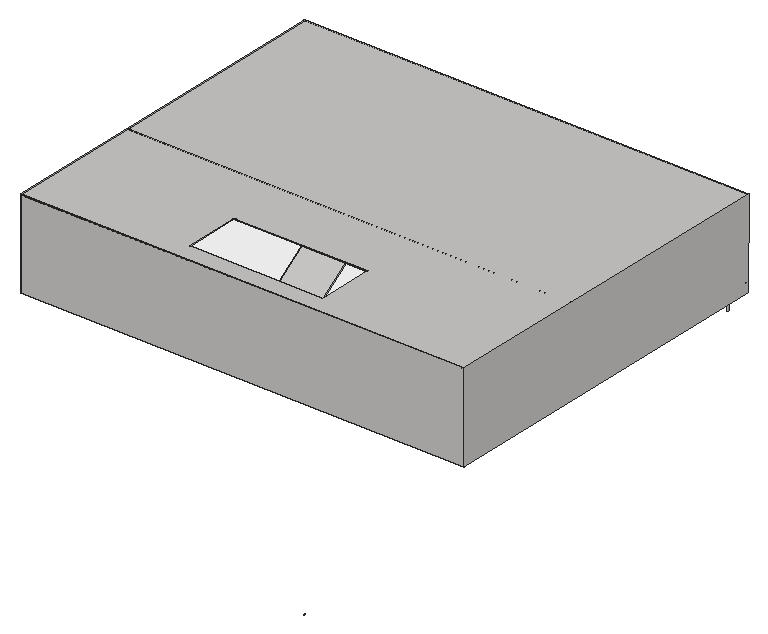
Revit family "QF_ELECTROLUXPROFESSIONAL_640204_EPF1620", category Specialty Equipment, Revit 2014
Reference planes
  plane 1: z = 0
  plane 2 "Center (Left/Right)": x = 150
  plane 3 "LEFT": x = -850
  plane 4 "RIGHT": x = 1150
  plane 5 "BACK": y = 550
  plane 6 "TOP": z = 2400
  plane 7 "Base": z = 2000
  plane 8: z = 1970
  plane 9 "DrainY": y = 450
  plane 10: x = -847
  plane 11: y = -720
  plane 12: y = -970
  plane 13 "DrainX": x = 1137
  plane 14 "AOLeft": x = -150
  plane 15 "AORight": x = 450
  plane 16: x = 1147
  plane 17: x = -650
  plane 18: x = 950
  plane 19: through (0, -449.6, 2399.19) normal (0, -0.5736, 0.8192)
  plane 20: x = 50
  plane 21: x = 250
  plane 22 "Center (Front/Back)": y = -250
  plane 23 "Front": y = -1050
Forms (mm)
  Extrusion 1, solid, material "QF_Finishes_Stainless Steel"
    sketch origin (-850, 0, 360) x (0, 1, 0) y (0, 0, 1)
      loop
        line (550, 1640) -> (550, 2040) -> (-1050, 2040) -> (-1050, 1640) -> (550, 1640)
    from 0 to 3
  Extrusion 2, solid, material "QF_Finishes_Stainless Steel"
    sketch origin (1150, 0, 360) x (0, 1, 0) y (0, 0, 1)
      loop
        line (550, 1640) -> (550, 2040) -> (-1050, 2040) -> (-1050, 1640) -> (550, 1640)
    from 0 to -3
  Extrusion 3, solid, material "QF_Finishes_Stainless Steel"
    sketch origin (150, 0, 360) x (0, 1, 0) y (0, 0, 1)
      loop
        line (-1050, 2040) -> (-1050, 1640) -> (-1040, 1640) -> (-1040, 1640.8) -> (-1049.2, 1640.8) -> (-1049.2, 2039.19) -> (549.2, 2039.19) -> (549.2, 1640.8) -> (540, 1640.8) -> (540, 1640) -> (550, 1640) -> (550, 2040) -> (-1050, 2040)
    from -1000 to 1000
  Extrusion 4, solid, material "QF_Finishes_Stainless Steel"
    sketch origin (0, 0, 2000) x (0, 1, 0) y (-1, 0, 0)
      loop
        circle (450, -1137) r 4.763
    from -30 to 0
  Extrusion 5, void
    sketch origin (0, 0, 2400) x (0, 1, 0) y (-1, 0, 0)
      loop
        line (-720, -450) -> (-720, 150) -> (-970, 150) -> (-970, -450) -> (-720, -450)
    from 0 to -10
  Extrusion 6, solid, material "QF_Finishes_Stainless Steel"
    sketch origin (0, 0, 0) x (1, 0, 0) y (0, 1, 0)
      loop
        line (-850, 550) -> (-850, 549) -> (-849, 549) -> (-849, 550) -> (-850, 550)
    from 0 to 1
  Extrusion 7, solid, material "QF_Finishes_Stainless Steel"
    sketch origin (150, 0, 360) x (0, 1, 0) y (0, 0, 1)
      loop
        line (-531.515, 1981.832) -> (-534.381, 1985.926) -> (-973.276, 1678.608) -> (-970.553, 1674.415) -> (-531.515, 1981.832)
    from -800 to -997
  Extrusion 8, solid, material "QF_Finishes_Stainless Steel"
    sketch origin (150, 0, 360) x (0, 1, 0) y (0, 0, 1)
      loop
        line (-1050, 2039.19) -> (-1050, 1640) -> (-1019.702, 1640) -> (-970.553, 1674.415) -> (-978.723, 1686.995) -> (-979.394, 1686.559) -> (-971.645, 1674.627) -> (-1019.955, 1640.8) -> (-1049.2, 1640.8) -> (-1049.2, 2039.19) -> (-1050, 2039.19)
      loop
        line (-449.6, 2039.19) -> (-450.995, 2039.19) -> (-531.319, 1982.947) -> (-539.464, 1994.578) -> (-540.119, 1994.12) -> (-531.515, 1981.832) -> (-449.6, 2039.19)
    from -997 to 997
  Extrusion 9, solid, material "QF_Finishes_Stainless Steel"
    sketch origin (150, 0, 360) x (0, 1, 0) y (0, 0, 1)
      loop
        line (-531.515, 1981.832) -> (-534.381, 1985.926) -> (-973.276, 1678.608) -> (-970.553, 1674.415) -> (-531.515, 1981.832)
    from 997 to 800
  Extrusion 10, solid, material "QF_Finishes_Stainless Steel"
    sketch origin (150, 0, 360) x (0, 1, 0) y (0, 0, 1)
      loop
        line (-531.515, 1981.832) -> (-534.381, 1985.926) -> (-973.276, 1678.608) -> (-970.553, 1674.415) -> (-531.515, 1981.832)
    from -100 to 100
  Extrusion 11, solid, material "QF_Finished_Chrome"
    sketch origin (150, 0, 360) x (0, 1, 0) y (0, 0, 1)
      loop
        line (-531.515, 1981.832) -> (-534.381, 1985.926) -> (-973.276, 1678.608) -> (-970.553, 1674.415) -> (-531.515, 1981.832)
    from -800 to -100
  Extrusion 12, solid, material "QF_Finished_Chrome"
    sketch origin (150, 0, 360) x (0, 1, 0) y (0, 0, 1)
      loop
        line (-531.515, 1981.832) -> (-534.381, 1985.926) -> (-973.276, 1678.608) -> (-970.553, 1674.415) -> (-531.515, 1981.832)
    from 100 to 800
  Sweep 13, solid, material "QF_Finishes_Stainless Steel"
    path origin (0, 0, 0) x (1, 0, 0) y (0, 1, 0)
      loop
        line (1150, 550) -> (-850, 550) -> (-850, -1050) -> (1150, -1050) -> (1150, 550)
    profile origin (1150, -250, 0) x (1, 0, 0) y (0, 0, 1)
      loop
        line (-3, 2000) -> (-3, 2000.8) -> (-19, 2000.8) -> (-19, 2010) -> (-20, 2010) -> (-20, 2000) -> (-3, 2000)
  Extrusion 14, solid, material "QF_Finishes_Stainless Steel"
    sketch origin (150, 0, 0) x (0, 1, 0) y (0, 0, 1)
      loop
        line (108.687, 2305.487) -> (549.2, 2040.8) -> (549.2, 2041.733) -> (109.285, 2306.061) -> (-443.438, 2399.19) -> (-445.739, 2399.19) -> (108.687, 2305.487)
    from -997 to 997
Cuts and joins
  Extrusion 5 cuts Extrusion 3
  joined: Extrusion 2, Extrusion 3, Sweep 13
Lines and regions (mm)
  symbolic lines, style "SpecialityEquipment", detail levels coarse
    curve 1: line (1150, 550, 2400) -> (-850, 550, 2400)
    curve 2: line (-850, 550, 2400) -> (-850, -1050.8, 2400)
    curve 3: line (1150, -1050.8, 2400) -> (1150, 550, 2400)
    curve 4: line (450, -970, 2400) -> (-150, -970, 2400)
    curve 5: line (450, -720, 2400) -> (450, -970, 2400)
    curve 6: line (-150, -720, 2400) -> (450, -720, 2400)
    curve 7: line (-150, -970, 2400) -> (-150, -720, 2400)
    curve 8: line (-850, 550, 0) -> (1150, -1050, 0)
    curve 9: line (1150, 550, 0) -> (-850, -1050, 0)
  symbolic lines, detail levels coarse
    curve 10: line (-850, -1050, 0) -> (1150, -1050, 0)
    curve 11: line (-150, -720, 0) -> (-150, -970, 0)
    curve 12: line (450, -720, 0) -> (-150, -720, 0)
    curve 13: line (450, -970, 0) -> (450, -720, 0)
    curve 14: line (-150, -970, 0) -> (450, -970, 0)
Dimensions and locks
  plane 3 "LEFT" to plane 4 "RIGHT" = 2000 mm
  equal spacing: plane 3 "LEFT", plane 2 "Center (Left/Right)", plane 4 "RIGHT"
  plane 7 "Base" to plane 8 = 30 mm
  plane 5 "BACK" to plane 9 "DrainY" = 100 mm  (x2)
  plane 3 "LEFT" to plane 10 = 3 mm
  plane 13 "DrainX" to plane 4 "RIGHT" = 13 mm
  plane 16 to plane 4 "RIGHT" = 3 mm
  plane 3 "LEFT" to plane 17 = 200 mm
  plane 18 to plane 4 "RIGHT" = 200 mm
  locked: plane 14 "AOLeft" to plane 15 "AORight" at 600
  equal spacing: plane 14 "AOLeft", plane 2 "Center (Left/Right)", plane 15 "AORight"
  locked: plane 7 "Base" to level at 2000
  locked: plane 6 "TOP" to plane 7 "Base" at 400
  locked: plane 20 to plane 21 at 200
  equal spacing: plane 20, plane 2 "Center (Left/Right)", plane 21
  locked: plane 11 to plane 12 at 250
  plane 5 "BACK" to plane 23 "Front" = 1600 mm  (x2)
  equal spacing: plane 5 "BACK", plane 22 "Center (Front/Back)", plane 23 "Front"
  plane 12 to plane 23 "Front" = 80 mm
  aligned and locked: level to plane 1
  aligned and locked: plane 4 "RIGHT" to Extrusion 3
  aligned and locked: Extrusion 3 to plane 3 "LEFT"
  aligned and locked: Extrusion 5 to plane 14 "AOLeft"
  aligned and locked: Extrusion 5 to plane 12
  aligned and locked: Extrusion 5 to plane 11
  aligned and locked: Extrusion 7 to plane 10
  aligned and locked: Extrusion 7 to plane 17
  aligned and locked: Extrusion 2 to plane 16
  aligned and locked: Extrusion 5 to plane 15 "AORight"
  aligned and locked: plane 15 "AORight" to curve 5
  aligned and locked: plane 16 to Extrusion 9
  aligned and locked: plane 18 to Extrusion 9
  aligned and locked: Extrusion 10 to plane 21
  aligned and locked: Extrusion 10 to plane 20
  aligned and locked: Extrusion 11 to plane 20
  aligned and locked: plane 17 to Extrusion 11
  aligned and locked: Extrusion 12 to plane 21
  aligned and locked: Extrusion 12 to plane 18
  aligned and locked: Extrusion 14 to plane 10
  aligned and locked: plane 16 to Extrusion 14
  aligned and locked: Extrusion 8 to plane 10
  aligned and locked: Extrusion 8 to plane 16
  aligned and locked: Extrusion 1 to plane 23 "Front"
Automatic sketch dimensions
  curve 2 to plane 3 "LEFT" = 0 mm
  curve 4 to plane 12 = 0 mm
  plane 11 to curve 6 = 0 mm
  curve 2 to plane 5 "BACK" = 0 mm
  curve 4 to plane 14 "AOLeft" = 0 mm
  Extrusion 1 sketch curve to plane 7 "Base" = 0 mm
  Extrusion 1 sketch curve to plane 5 "BACK" = 0 mm
  Extrusion 1 sketch curve to plane 6 "TOP" = 0 mm
  Extrusion 2 sketch curve to plane 7 "Base" = 0 mm
  Extrusion 2 sketch curve to plane 5 "BACK" = 0 mm
  Extrusion 2 sketch curve to plane 6 "TOP" = 0 mm
  Extrusion 3 sketch curve to plane 6 "TOP" = 0 mm
  Extrusion 3 sketch curve to plane 7 "Base" = 0 mm  (x2)
  Extrusion 3 sketch curve to plane 5 "BACK" = 0 mm
  Extrusion 3 sketch curve to Extrusion 3 sketch curve = 9.2 mm
  plane 7 "Base" to Extrusion 3 sketch curve = 0.8 mm  (x2)
  Extrusion 3 sketch curve to plane 5 "BACK" = 10 mm
  Extrusion 3 sketch curve to plane 5 "BACK" = 0.8 mm
  Extrusion 3 sketch curve to plane 6 "TOP" = 0.81 mm
  Extrusion 4 sketch curve to plane 9 "DrainY" = 0 mm
  Extrusion 4 sketch curve to plane 13 "DrainX" = 0 mm
  Extrusion 5 sketch curve to plane 12 = 0 mm
  plane 11 to Extrusion 5 sketch curve = 0 mm
  Extrusion 5 sketch curve to plane 15 "AORight" = 0 mm
  Extrusion 5 sketch curve to plane 14 "AOLeft" = 0 mm
  Extrusion 6 sketch curve to plane 3 "LEFT" = 0 mm
  Extrusion 6 sketch curve to plane 5 "BACK" = 0 mm
  plane 3 "LEFT" to Extrusion 6 sketch curve = 1 mm
  Extrusion 6 sketch curve to Extrusion 6 sketch curve = 1 mm
  Extrusion 7 sketch curve to plane 19 = 0 mm  (x2)
  plane 7 "Base" to Extrusion 7 sketch curve = 34.415 mm
  Extrusion 7 sketch curve to plane 6 "TOP" = 54.074 mm
  Extrusion 8 sketch curve to plane 7 "Base" = 0 mm
  plane 19 to Extrusion 8 sketch curve = 0 mm  (x4)
  Extrusion 8 sketch curve to Extrusion 8 sketch curve = 0.252 mm
  Extrusion 8 sketch curve to Extrusion 8 sketch curve = 40.561 mm
  plane 7 "Base" to Extrusion 8 sketch curve = 46.995 mm
  Extrusion 8 sketch curve to Extrusion 8 sketch curve = 0.671 mm
  plane 7 "Base" to Extrusion 8 sketch curve = 34.627 mm
  Extrusion 8 sketch curve to Extrusion 8 sketch curve = 7.749 mm
  Extrusion 8 sketch curve to plane 6 "TOP" = 45.88 mm
  Extrusion 8 sketch curve to plane 6 "TOP" = 45.422 mm
  Extrusion 8 sketch curve to plane 6 "TOP" = 57.053 mm
  Extrusion 8 sketch curve to plane 6 "TOP" = 0.81 mm  (x2)
  plane 7 "Base" to Extrusion 8 sketch curve = 0.8 mm
  Extrusion 9 sketch curve to plane 19 = 0 mm  (x2)
  plane 7 "Base" to Extrusion 9 sketch curve = 34.415 mm
  Extrusion 9 sketch curve to plane 6 "TOP" = 54.074 mm
  Extrusion 10 sketch curve to plane 19 = 0 mm  (x2)
  plane 7 "Base" to Extrusion 10 sketch curve = 34.415 mm
  Extrusion 10 sketch curve to plane 6 "TOP" = 54.074 mm
  Extrusion 11 sketch curve to plane 19 = 0 mm  (x2)
  plane 7 "Base" to Extrusion 11 sketch curve = 34.415 mm
  Extrusion 11 sketch curve to plane 6 "TOP" = 54.074 mm
  Extrusion 12 sketch curve to plane 19 = 0 mm  (x2)
  plane 7 "Base" to Extrusion 12 sketch curve = 34.415 mm
  Extrusion 12 sketch curve to plane 6 "TOP" = 54.074 mm
  Sweep 13 sketch curve to plane 3 "LEFT" = 0 mm
  Sweep 13 sketch curve to plane 4 "RIGHT" = 0 mm
  Sweep 13 sketch curve to plane 5 "BACK" = 0 mm
  profile plane to Sweep 13 sketch curve = 20 mm
  Sweep 13 sketch curve to Sweep 13 sketch curve = 1 mm
  profile plane to Sweep 13 sketch curve = 3 mm
  level to Sweep 13 sketch curve = 2000 mm
  Sweep 13 sketch curve to Sweep 13 sketch curve = 0.8 mm
  Sweep 13 sketch curve to Sweep 13 sketch curve = 9.2 mm
  Extrusion 7 sketch curve to plane 11 = 185.619 mm
  Extrusion 8 sketch curve to Extrusion 8 sketch curve = 90.519 mm
  Extrusion 9 sketch curve to plane 11 = 185.619 mm
  Extrusion 10 sketch curve to plane 11 = 185.619 mm
  Extrusion 11 sketch curve to plane 11 = 185.619 mm
  Extrusion 12 sketch curve to plane 11 = 185.619 mm
  Extrusion 1 sketch curve to plane 12 = 80 mm
  Extrusion 2 sketch curve to plane 12 = 80 mm
  Extrusion 3 sketch curve to plane 12 = 70 mm
  Extrusion 3 sketch curve to Extrusion 3 sketch curve = 0.8 mm
  Extrusion 7 sketch curve to plane 12 = 3.276 mm
  Extrusion 8 sketch curve to plane 12 = 79.2 mm
  Extrusion 8 sketch curve to Extrusion 8 sketch curve = 0.8 mm
  Extrusion 9 sketch curve to plane 12 = 3.276 mm
  Extrusion 10 sketch curve to plane 12 = 3.276 mm
  Extrusion 11 sketch curve to plane 12 = 3.276 mm
  Extrusion 12 sketch curve to plane 12 = 3.276 mm
  Sweep 13 sketch curve to plane 12 = 80 mm
  Extrusion 14 sketch curve to plane 6 "TOP" = 0.81 mm
  Extrusion 14 sketch curve to plane 22 "Center (Front/Back)" = 195.739 mm
  Extrusion 14 sketch curve to Extrusion 14 sketch curve = 2.3 mm
  Extrusion 14 sketch curve to plane 6 "TOP" = 94.513 mm
  Extrusion 14 sketch curve to plane 9 "DrainY" = 341.313 mm
  Extrusion 14 sketch curve to plane 6 "TOP" = 93.939 mm
  Extrusion 14 sketch curve to Extrusion 14 sketch curve = 0.598 mm
  Extrusion 14 sketch curve to plane 5 "BACK" = 0.8 mm
  plane 7 "Base" to Extrusion 14 sketch curve = 40.8 mm
  Extrusion 14 sketch curve to Extrusion 14 sketch curve = 0.933 mm
  curve 3 to plane 4 "RIGHT" = 0 mm
  curve 3 to plane 23 "Front" = 0.8 mm
  curve 2 to plane 23 "Front" = 0.8 mm
  curve 10 to plane 3 "LEFT" = 0 mm
  curve 8 to plane 3 "LEFT" = 0 mm
  curve 9 to plane 4 "RIGHT" = 0 mm
  curve 10 to plane 4 "RIGHT" = 0 mm
  curve 8 to plane 23 "Front" = 0 mm
  curve 9 to plane 5 "BACK" = 0 mm
  curve 8 to plane 5 "BACK" = 0 mm
  plane 11 to curve 11 = 0 mm
  curve 11 to plane 14 "AOLeft" = 0 mm
  curve 12 to plane 15 "AORight" = 0 mm
  curve 13 to plane 12 = 0 mm
  radius of Extrusion 4 sketch curve = 4.763 mm
Connectors
  piping at (1137, 450, 1970), diameter 9.5
    settings: on Extrusion 4, index 1, connector inside diameter 609.6 mm, connector length 0 mm, flow factor 0, pipe flow 0.0 L/s, pressure drop 0.0 Pa, fitting loss kfactor 0, connector angle 0.00°, fixture units 0, engagement length 0 mm, angle of deflection 0.00°, flow configuration 1, flow direction 2, fitting loss method 0, system type 16, joint type 0, gender type 0, connector reference index -1, connector utility 0, adjustable connector no, is connector primary yes, connector description "Drain"
  hvac at (150, -845, 2400)
    settings: on Extrusion 5, index 2, duct flow 0.0 L/s, flow factor 0, pres drop 0.0 Pa, loss coef 0, conn angle 0.00°, conn width 250 mm, conn height 600 mm, conn diameter 609.6 mm, duct sys type 3, conn prof type 1, flow config 1, flow direction 0, loss method 0, conn ref index -1, conn util no, is conn primary yes, conn desc "EXHAUST OUTLET"
